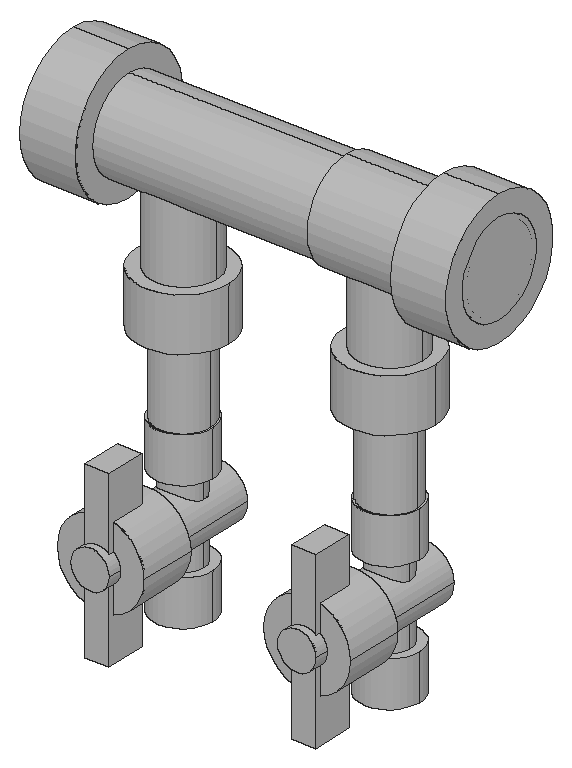
Revit family "Kemper - 6500624000", category Rohrzubehör, Revit 2019
Family settings
  Bemaßung runder Anschluss = Durchmesser verwenden
  Teiletyp = Ventil - Zerlegung in
  OmniClass-Nummer = 23.65.55.14
  OmniClass-Titel = Valves for Liquid Services
  Arbeitsebenenbasiert = Nein
  Immer vertikal = Ja
  Beim Laden mit Abzugskörper schneiden = Nein
  Gemeinsam genutzt = Nein
Parameters (values of type "DN 40")
  valvetype = "Ringleitungsarmatur"  # constant formula
  typedescription = "KEMPER Hygiene System, 650 06, KHS Flow-Splitter unit - dynamic, FPT"  # constant formula
  type of connection = "Flow-Splitter main pass with female thread, female-thread outlets"  # constant formula
  type = "Sicherungsarmatur"  # constant formula
  sound insulation class = "1"  # constant formula
  productgroup = "KEMPER Hygiene System"  # constant formula
  productclassification = ""  # constant formula
  perm. operating pressure Bar = 16  # constant formula
  perm. operating Temperature °C = 90  # constant formula
  max. differential pressure = 0  # constant formula
  kVs-Value = 0  # constant formula
  design = "pass"  # constant formula
  collision width = 88.267 mm  # constant formula
  collision volume = "206 x 88.267025 x 234.017025"  # constant formula
  collision length = 206 mm  # constant formula
  collision height = 234.017 mm  # constant formula
  _created with version = "0.0.0.0"  # constant formula
  _created by (URL) = "www.dendrit.de"
  _created by = "Dendrit Generation"  # constant formula
  WarrantyStartDate [instance] = ""  # constant formula
  WarrantyGuantorParts = ""  # constant formula
  WarrantyGuantorLabour = ""  # constant formula
  WarrantyDurationUnit = "Years"  # constant formula
  WarrantyDurationParts = ""  # constant formula
  WarrantyDurationLabour = ""  # constant formula
  WarrantyDescription = ""  # constant formula
  URL = ""
  Tmin, Control °C = 0  # constant formula
  Tmax, Control °C = 0  # constant formula
  Surface = ""  # constant formula
  Stlb-Number = ""  # constant formula
  SpareParts = ""  # constant formula
  Size DN = 40  # constant formula
  Size = ""  # constant formula
  Shape = "Valve"  # constant formula
  SerialNumber [instance] = ""  # constant formula
  ReplacementCost = ""  # constant formula
  ReferencedStandard = ""  # constant formula
  ProductionYear = ""  # constant formula
  Modelnumber = "6500624000"  # constant formula
  Model = "650 06, KHS Flow-Splitter unit - dynamic, FPT"  # constant formula
  Material = "gunmetal"  # constant formula
  Manufacturer = "Kemper"  # constant formula
  InstallationDate [instance] = ""  # constant formula
  Grade = ""  # constant formula
  Generation ID = "Kemper - 6500624000"  # constant formula
  GTIN-Number = ""  # constant formula
  Flow = 0  # constant formula
  Finish = ""  # constant formula
  Features = ""  # constant formula
  ExpectedLife = ""  # constant formula
  DurationUnit = "Years"  # constant formula
  DocumentationTechnical = ""  # constant formula
  DocumentationLiterature = ""  # constant formula
  DocumentationInstallationGuide = ""  # constant formula
  DocumentationCertificates = ""  # constant formula
  Datanorm = "6500624000"  # constant formula
  CreatedOn = "www.dendrit.de"
  CreatedBy = "Dendrit Generation"  # constant formula
  Cost = ""  # constant formula
  Consistuents = ""  # constant formula
  Color = ""  # constant formula
  CodePerformance = ""  # constant formula
  BarCode [instance] = ""  # constant formula
  AssetType = "Fixed"  # constant formula
  AssetIdentifier [instance] = ""  # constant formula
  AccessibilityPerformance = ""  # constant formula
Reference planes
  plane 1 "Mitte (Vorne/Hinten)": y = 0
  plane 2: z = 0
  plane 3 "Mitte (Links/Rechts)": x = 0
Forms (mm)
  Extrusion 1, solid, material "Generation_172172172000"
    sketch origin (-103, 0, 0) x (0, 0, -1) y (0, 1, 0)
      loop
        circle (0, 0) r 22.228
    from 0 to 206
  Extrusion 2, solid, material "Generation_172172172000"
    sketch origin (-103, 0, 0) x (0, 0, -1) y (0, 1, 0)
      loop
        circle (0, 0) r 32.267
    from 0 to 26.78
  Extrusion 3, solid, material "Generation_172172172000"
    sketch origin (103, 0, 0) x (0, 0, -1) y (0, -1, 0)
      loop
        circle (0, 0) r 32.267
    from 0 to 26.78
  Extrusion 4, solid, material "Generation_172172172000"
    sketch origin (29.4, 0, 0) x (0, 0, -1) y (0, 1, 0)
      loop
        circle (0, 0) r 23.902
    from 0 to 51.5
  Extrusion 5, solid, material "Generation_172172172000"
    sketch origin (50, 0, 0) x (0, -1, 0) y (-1, 0, 0)
      loop
        circle (0, 0) r 16.126
    from 0 to 78.5
  Extrusion 6, solid, material "Generation_172172172000"
    sketch origin (-50, 0, 0) x (0, -1, 0) y (-1, 0, 0)
      loop
        circle (0, 0) r 16.126
    from 0 to 78.5
  Extrusion 7, solid, material "Generation_172172172000"
    sketch origin (50, 0, -78.5) x (1, 0, 0) y (0, 1, 0)
      loop
        circle (0, 0) r 22.277
    from 0 to 25.905
  Extrusion 8, solid, material "Generation_172172172000"
    sketch origin (-50, 0, -78.5) x (1, 0, 0) y (0, 1, 0)
      loop
        circle (0, 0) r 22.277
    from 0 to 25.905
  Extrusion 9, solid, material "Generation_172172172000"
    sketch origin (50, 0, -78.5) x (0, -1, 0) y (-1, 0, 0)
      loop
        circle (0, 0) r 13.466
    from 0 to 39.25
  Extrusion 10, solid, material "Generation_172172172000"
    sketch origin (-50, 0, -78.5) x (0, -1, 0) y (-1, 0, 0)
      loop
        circle (0, 0) r 13.466
    from 0 to 39.25
  Extrusion 11, solid, material "Generation_172172172000"
    sketch origin (50, 0, -117.75) x (0, -1, 0) y (-1, 0, 0)
      loop
        circle (0, 0) r 14.459
    from 0 to 21.99
  Extrusion 12, solid, material "Generation_172172172000"
    sketch origin (-50, 0, -117.75) x (0, -1, 0) y (-1, 0, 0)
      loop
        circle (0, 0) r 14.459
    from 0 to 21.99
  Extrusion 13, solid, material "Generation_172172172000"
    sketch origin (50, 0, -117.75) x (0, -1, 0) y (-1, 0, 0)
      loop
        circle (0, 0) r 9.849
    from 0 to 84
  Extrusion 14, solid, material "Generation_172172172000"
    sketch origin (-50, 0, -117.75) x (0, -1, 0) y (-1, 0, 0)
      loop
        circle (0, 0) r 9.849
    from 0 to 84
  Extrusion 15, solid, material "Generation_172172172000"
    sketch origin (50, 0, -201.75) x (1, 0, 0) y (0, 1, 0)
      loop
        circle (0, 0) r 14.459
    from 0 to 21.99
  Extrusion 16, solid, material "Generation_172172172000"
    sketch origin (-50, 0, -201.75) x (1, 0, 0) y (0, 1, 0)
      loop
        circle (0, 0) r 14.459
    from 0 to 21.99
  Extrusion 17, solid, material "Generation_172172172000"
    sketch origin (-50, -21.672, -159.75) x (1, 0, 0) y (0, 0, -1)
      loop
        circle (0, 0) r 13.726
    from 0 to 43.344
  Extrusion 18, solid, material "Generation_172172172000"
    sketch origin (-50, -21.672, -159.75) x (1, 0, 0) y (0, 0, 1)
      loop
        circle (0, 0) r 21
    from 0 to 28
  Extrusion 19, solid, material "Generation_172172172000"
    sketch origin (50, -21.672, -159.75) x (1, 0, 0) y (0, 0, -1)
      loop
        circle (0, 0) r 13.726
    from 0 to 43.344
  Extrusion 20, solid, material "Generation_172172172000"
    sketch origin (50, -21.672, -159.75) x (1, 0, 0) y (0, 0, 1)
      loop
        circle (0, 0) r 21
    from 0 to 28
  Extrusion 21, solid, material "Generation_172172172000"
    sketch origin (-50, -56, -159.75) x (1, 0, 0) y (0, 0, -1)
      loop
        circle (0, 0) r 9.31
    from 0 to 8.4
  Extrusion 22, solid, material "Generation_172172172000"
    sketch origin (50, -56, -159.75) x (1, 0, 0) y (0, 0, -1)
      loop
        circle (0, 0) r 9.31
    from 0 to 8.4
  Extrusion 23, solid, material "Generation_172172172000"
    sketch origin (-55.819, -32.131, -201.75) x (0, -1, 0) y (1, 0, 0)
      loop
        line (0, 0) -> (19.949, 0) -> (19.949, 11.637) -> (0, 11.637) -> (0, 0)
    from 0 to 84
  Extrusion 24, solid, material "Generation_172172172000"
    sketch origin (44.181, -32.131, -201.75) x (0, -1, 0) y (1, 0, 0)
      loop
        line (0, 0) -> (19.949, 0) -> (19.949, 11.637) -> (0, 11.637) -> (0, 0)
    from 0 to 84
  Extrusion 25, solid, material "Generation_Connector"
    sketch origin (-99.952, 0, 0) x (0, 0, -1) y (0, -1, 0)
      loop
        circle (0, 0) r 20
    from 0 to 3.048
  Extrusion 26, solid, material "Generation_Connector"
    sketch origin (50, 0, -198.702) x (0, -1, 0) y (-1, 0, 0)
      loop
        circle (0, 0) r 7.5
    from 0 to 3.048
  Extrusion 27, solid, material "Generation_Connector"
    sketch origin (99.952, 0, 0) x (0, 0, -1) y (0, 1, 0)
      loop
        circle (0, 0) r 20
    from 0 to 3.048
  Extrusion 28, solid, material "Generation_Connector"
    sketch origin (-50, 0, -198.702) x (0, -1, 0) y (-1, 0, 0)
      loop
        circle (0, 0) r 7.5
    from 0 to 3.048
Dimensions and locks
  aligned and locked: level to plane 2
Connectors
  piping at (-103, 0, 0), diameter 40
    settings: on Extrusion 25, index 1, connector inside diameter 609.6 mm, connector length 0 mm, flow factor 0, pipe flow 0.0 L/s, pressure drop 0.0 Pa, fitting loss kfactor 0, connector angle 0.00°, fixture units 0, engagement length 0 mm, angle of deflection 0.00°, flow configuration 0, flow direction 0, fitting loss method 0, system type 29, joint type 0, gender type 0, connector reference index -1, connector utility 0, adjustable connector no, is connector primary yes, connector description ""
  piping at (50, 0, -201.75), diameter 15
    settings: on Extrusion 26, index 2, connector inside diameter 609.6 mm, connector length 0 mm, flow factor 0, pipe flow 0.0 L/s, pressure drop 0.0 Pa, fitting loss kfactor 0, connector angle 0.00°, fixture units 0, engagement length 0 mm, angle of deflection 0.00°, flow configuration 0, flow direction 0, fitting loss method 0, system type 29, joint type 0, gender type 0, connector reference index -1, connector utility 0, adjustable connector no, is connector primary no, connector description ""
  piping at (103, 0, 0), diameter 40
    settings: on Extrusion 27, index 3, connector inside diameter 609.6 mm, connector length 0 mm, flow factor 0, pipe flow 0.0 L/s, pressure drop 0.0 Pa, fitting loss kfactor 0, connector angle 0.00°, fixture units 0, engagement length 0 mm, angle of deflection 0.00°, flow configuration 0, flow direction 0, fitting loss method 0, system type 29, joint type 0, gender type 0, connector reference index -1, connector utility 0, adjustable connector no, is connector primary no, connector description ""
  piping at (-50, 0, -201.75), diameter 15
    settings: on Extrusion 28, index 4, connector inside diameter 609.6 mm, connector length 0 mm, flow factor 0, pipe flow 0.0 L/s, pressure drop 0.0 Pa, fitting loss kfactor 0, connector angle 0.00°, fixture units 0, engagement length 0 mm, angle of deflection 0.00°, flow configuration 0, flow direction 0, fitting loss method 0, system type 29, joint type 0, gender type 0, connector reference index -1, connector utility 0, adjustable connector no, is connector primary no, connector description ""
